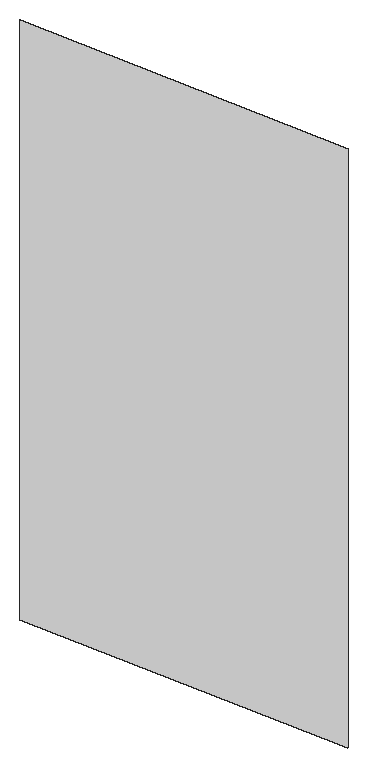
Revit family
Parameters (values of type "단일")
  폭 = 70 mm
  장착 높이 = 1200 mm
  높이 = 115 mm
  재료 = 플라스틱 - 흰색
Reference planes
  plane 1: y = 0
  plane 2 "중심(왼쪽/오른쪽)": x = 125
  plane 3 "뒤로": y = 75
  plane 4: z = 1200
  plane 5: x = 90
  plane 6: x = 160
  plane 7: z = 1257.5
  plane 8: z = 1142.5
  plane 9: y = 80
Forms (mm)
  Blend 1, solid, material "플라스틱 - 흰색" <- "재료"
    base sketch origin (0, 75, 0) x (1, 0, 0) y (0, 0, 1)
      loop
        line (160, 1257.5) -> (90, 1257.5) -> (90, 1142.5) -> (160, 1142.5) -> (160, 1257.5)
    top sketch origin (0, 75, 0) x (1, 0, 0) y (0, 0, 1)
      loop
        line (155, 1252.5) -> (95, 1252.5) -> (95, 1147.5) -> (155, 1147.5) -> (155, 1252.5)
    from 0 to -5
Text (mm)
  text "측면 배치" at (0, 1270.507, 3001.832), in view "왼쪽"
  text "측면 배치" at (0, 530.812, 2999.686), in view "오른쪽"
Dimensions and locks
  locked: plane 3 "뒤로" to host wall
  "높이": plane 8 to plane 7
  "폭": plane 5 to plane 6
  equal spacing: plane 8, plane 4, plane 7
  equal spacing: plane 5, plane 2 "중심(왼쪽/오른쪽)", plane 6
  "장착 높이": level to plane 4
  locked: plane 3 "뒤로" to plane 9 at 5
  aligned and locked: plane 1 to host wall
  aligned and locked: plane 6 to Blend 1 sketch curve
  aligned and locked: Blend 1 sketch curve to plane 7
  aligned and locked: plane 8 to Blend 1 sketch curve
  aligned and locked: plane 5 to Blend 1 sketch curve
  aligned and locked: plane 3 "뒤로" to Blend 1
  aligned and locked: Blend 1 to plane 9
  aligned and locked: plane 3 "뒤로" to nested 1
Automatic sketch dimensions
  Blend 1 sketch curve to plane 5 = 5 mm
  plane 6 to Blend 1 sketch curve = 5 mm
  Blend 1 sketch curve to plane 8 = 5 mm
  plane 7 to Blend 1 sketch curve = 5 mm
Nested families
  nested 1: "스위치 주석" at (125, 75, 0), type "스위치 주석"
Definition of nested family "스위치 주석"
  Reference planes
    plane 1: y = 0
    plane 2: x = 0
  Lines and regions (mm)
    detail lines
      curve 1: arc (0.687, 4.366, 0) -> (-0.687, 4.366, 0) -> (0, 3.175, 0) r 0.794
      curve 2: arc (-0.846, 1.687, 0) -> (0.876, 1.693, 0) -> (0, 3.175, 0) r 0.992
      curve 3: line (0, 1.191, 0) -> (0, 0.222, 0)
